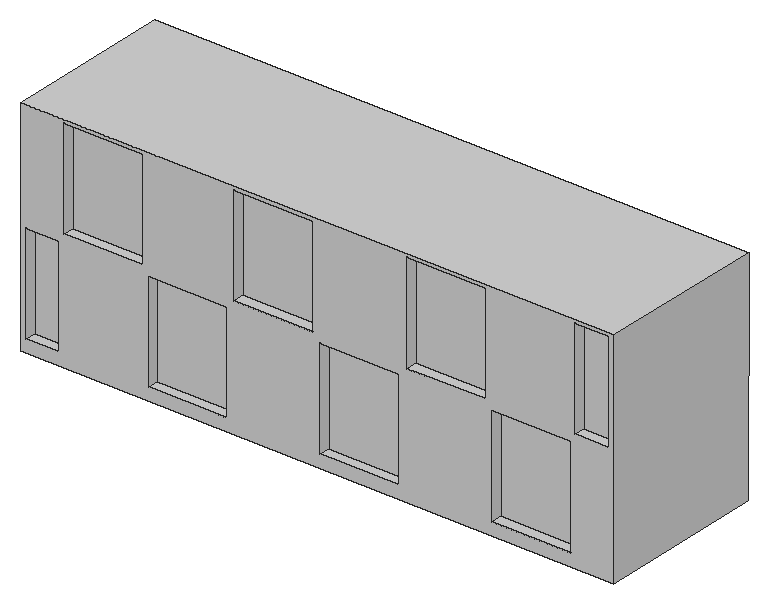
Revit family "SA 4H7W", category Mechanical Equipment, Revit 2019
Family settings
  Round Connector Dimension = Use Diameter
  Part Type = Normal
  OmniClass Number = 23.75.00.00
  OmniClass Title = Climate Control (HVAC)
  Work Plane-Based = No
  Always vertical = Yes
  Cut with Voids When Loaded = No
  Shared = No
  Room Calculation Point = No
Parameters (values of type "4H7W SA")
  Width = 5' - 4 1/2"
  Weight (lbs.) = "3376"
  URL = "www.renewaire.com"
  Model = "4H7W SA"
  Manufacturer = "Renewaire LLC"
  Length = 19' - 0"
  Housing = Metal - RenewAire - Anodized - Gray Text
  Height = 7' - 1 1/2"
  Description = "Energy Recovery Ventilator"
  Cores (L125-G5) = "28"
  Assembly Code = ""
  Airflow Range (CFM) = "7,000-30,800"
Reference planes (in)
  plane 1 "Center (Front/Back)": y = 0
  plane 2: z = 0
  plane 3 "Center (Left/Right)": x = 0
Forms (in)
  Extrusion 1, solid, material "Metal - RenewAire - Anodized - Gray Text" <- "Housing"
    sketch origin (0, -16.07731, 0) x (0, 1, 0) y (0, 0, 1)
      loop
        line (32.26413, 105.375) -> (-32.26413, 105.375) -> (-32.26413, 19.875) -> (32.26413, 19.875) -> (32.26413, 105.375)
    from 0 to 228
  Extrusion 2, void
    sketch origin (-0.33054, -14.11828, 19.50578) x (1, 0, 0) y (0, 0, 1)
      loop
        line (2.375, 43.5) -> (2.375, 5.25) -> (15.17072, 5.25) -> (15.17072, 43.5) -> (2.375, 43.5)
      loop
        line (49.50854, 43.5) -> (49.50854, 5.25) -> (79.83716, 5.25) -> (79.83716, 43.5) -> (49.50854, 43.5)
      loop
        line (47.32983, 84.75) -> (17.00122, 84.75) -> (17.00122, 46.5) -> (47.32983, 46.5) -> (47.32983, 84.75)
      loop
        line (82.52479, 84.75) -> (82.52479, 46.5) -> (112.77479, 46.5) -> (112.77479, 84.75) -> (82.52479, 84.75)
      loop
        line (115.375, 43.5) -> (115.375, 5.25) -> (145.625, 5.25) -> (145.625, 43.5) -> (115.375, 43.5)
      loop
        line (148.85585, 84.75) -> (148.85585, 46.5) -> (179.10585, 46.5) -> (179.10585, 84.75) -> (148.85585, 84.75)
      loop
        line (181.375, 43.5) -> (181.375, 5.25) -> (211.625, 5.25) -> (211.625, 43.5) -> (181.375, 43.5)
      loop
        line (213.432, 84.75) -> (213.432, 46.5) -> (226.22772, 46.5) -> (226.22772, 84.75) -> (213.432, 84.75)
    from 30 to 38.22316
  Extrusion 3, void
    sketch origin (-1.12484, 49.88172, -1.12139) x (1, 0, 0) y (0, 0, 1)
      loop
        line (3.17072, 64.13227) -> (3.17072, 25.88013) -> (15.96643, 25.88013) -> (15.96643, 64.13227) -> (3.17072, 64.13227)
      loop
        line (50.30426, 64.13227) -> (50.30426, 25.88013) -> (80.63287, 25.88013) -> (80.63287, 64.13227) -> (50.30426, 64.13227)
      loop
        line (48.12555, 105.38227) -> (17.79694, 105.38227) -> (17.79694, 67.13227) -> (48.12555, 67.13227) -> (48.12555, 105.38227)
      loop
        line (83.32051, 105.38227) -> (83.32051, 67.13227) -> (113.5691, 67.13227) -> (113.5691, 105.38227) -> (83.32051, 105.38227)
      loop
        line (146.41931, 64.12718) -> (116.16931, 64.12718) -> (116.16931, 25.87718) -> (146.41931, 25.87718) -> (146.41931, 64.12718)
      loop
        line (179.90015, 105.37718) -> (149.65015, 105.37718) -> (149.65015, 67.12718) -> (179.90015, 67.12718) -> (179.90015, 105.37718)
      loop
        line (212.41931, 64.12718) -> (182.16931, 64.12718) -> (182.16931, 25.87718) -> (212.41931, 25.87718) -> (212.41931, 64.12718)
      loop
        line (227.02203, 105.37718) -> (214.22631, 105.37718) -> (214.22631, 67.12718) -> (227.02203, 67.12718) -> (227.02203, 105.37718)
    from 30 to 38.22316
Cuts and joins
  Extrusion 2, Extrusion 3 cuts Extrusion 1
Dimensions and locks (in)
  aligned and locked: level to plane 2
